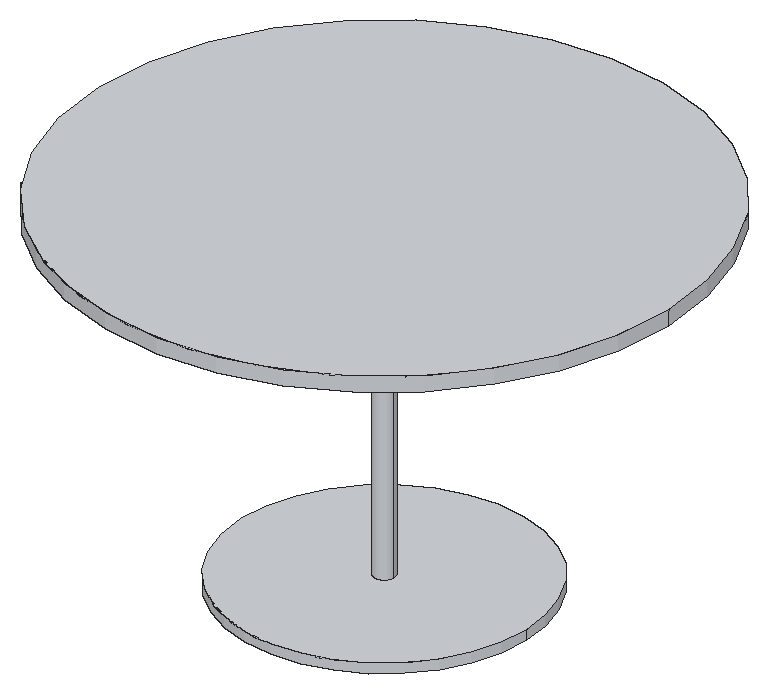
Revit family "FU.TB_Tavolo tondo_3D", category Furniture, Revit 2021
Family settings
  OmniClass Number = 23.40.20.00
  OmniClass Title = General Furniture and Specialties
  Work Plane-Based = No
  Always vertical = Yes
  Cut with Voids When Loaded = No
  Shared = Yes
  Room Calculation Point = Yes
Parameters (values of type "1200ø")
  TX_TypeCode = ""
  Default Elevation = 0 cm
  DI_Diameter = 120 cm
Types (3, lengths in cm): name | DI_Diameter
  1200ø | 120
  900ø | 90
  800ø | 80
Reference planes (cm)
  plane 1 "Center (Front/Back)": y = 0
  plane 2 "1": z = 93
  plane 3 "Center (Left/Right)": x = 0
Forms (cm)
  Extrusion 1, solid
    sketch origin (0, 0, 0) x (1, 0, 0) y (0, 1, 0)
      loop
        circle (0, 0) r 60
    from 70 to 73
  Extrusion 2, solid
    sketch origin (0, 0, 0) x (1, 0, 0) y (0, 1, 0)
      loop
        circle (0, 0) r 30
    from 0 to 2
  Extrusion 3, solid
    sketch origin (0, 0, 0) x (1, 0, 0) y (0, 1, 0)
      loop
        circle (0, 0) r 2
    from 2 to 70
Lines and regions (cm)
  Masking region 1
    outline origin (0, 0, 93) x (1, 0, 0) y (0, 1, 0)
      loop
        circle (0, 0) r 60
Dimensions and locks (cm)
  "DI_Diameter": diameter of Extrusion 1 sketch curve
  "DI_Diameter": diameter of Extrusion 1
  "DI_Diameter": diameter of Masking region 1 sketch curve
Automatic sketch dimensions
  plane 1 "Center (Front/Back)" to Extrusion 2 sketch curve = 0 cm
  Extrusion 2 sketch curve to plane 3 "Center (Left/Right)" = 0 cm
  plane 1 "Center (Front/Back)" to Extrusion 3 sketch curve = 0 cm
  Extrusion 3 sketch curve to plane 3 "Center (Left/Right)" = 0 cm
  plane 1 "Center (Front/Back)" to Extrusion 1 sketch curve = 0 cm
  Extrusion 1 sketch curve to plane 3 "Center (Left/Right)" = 0 cm
  plane 1 "Center (Front/Back)" to Masking region 1 sketch curve = 0 cm
  Masking region 1 sketch curve to plane 3 "Center (Left/Right)" = 0 cm
  radius of Extrusion 2 sketch curve = 30 cm
  radius of Extrusion 3 sketch curve = 2 cm
